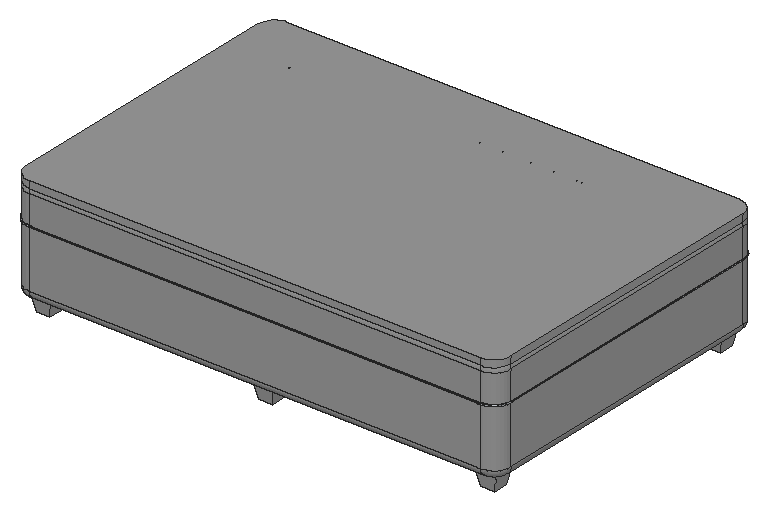
Revit family "Benchmark-Laminate Top", category Furniture, Revit 2016
Family settings
  OmniClass Number = 23.40.20.00
  OmniClass Title = General Furniture and Specialties
  Work Plane-Based = No
  Always vertical = Yes
  Cut with Voids When Loaded = No
  Shared = No
  Room Calculation Point = No
Parameters (values of type "48x72")
  height(Laminate) = 1' - 3 1/2"
  Width = 4' - 0"
  Length = 6' - 0"
  Height(Cushion)Bottom = 0' - 9 1/2"
  Fabric Color [instance] = Linen, Beige
  Counter Finish = Solid Surface Countertop
Types (10): name | Width | Length
  48x72 | 4' - 0" | 6' - 0"
  48x60 | 4' - 0" | 5' - 0"
  42x72 | 3' - 6" | 6' - 0"
  42x60 | 3' - 6" | 5' - 0"
  36x72 | 3' - 0" | 6' - 0"
  36x60 | 3' - 0" | 5' - 0"
  30x72 | 2' - 6" | 6' - 0"
  30x60 | 2' - 6" | 5' - 0"
  24x72 | 2' - 0" | 6' - 0"
  24x60 | 2' - 0" | 5' - 0"
Reference planes (in)
  plane 1 "Center Front/Back": y = 0
  plane 2: z = 0
  plane 3 "Center Left/Right": x = 0
  plane 4: x = 36
  plane 5: x = -36
  plane 6: y = 24
  plane 7: y = -24
  plane 8 "Top": z = 18
  plane 9 "Bottom": z = 2.5
  plane 10 "cushion top": z = 12
  plane 11: z = 12.5
Forms (in)
  Extrusion 1, solid, material "Linen, Beige" <- "Fabric Color"
    sketch origin (0, 0, 0) x (1, 0, 0) y (0, 1, 0)
      loop
        arc (-33.5, 24) -> (-35.26777, 23.26777) -> (-36, 21.5) r 2.5
        line (-36, 21.5) -> (-36, -21.5)
        arc (-36, -21.5) -> (-35.26777, -23.26777) -> (-33.5, -24) r 2.5
        line (-33.5, -24) -> (33.5, -24)
        arc (33.5, -24) -> (35.26777, -23.26777) -> (36, -21.5) r 2.5
        line (36, -21.5) -> (36, 21.5)
        arc (36, 21.5) -> (35.26777, 23.26777) -> (33.5, 24) r 2.5
        line (33.5, 24) -> (-33.5, 24)
    from 2.5 to 18
  Sweep 2, void
    path origin (0, 0, 18) x (0, -1, 0) y (1, 0, 0)
      loop
        arc (-24, -33.5) -> (-23.26777, -35.26777) -> (-21.5, -36) r 2.5
        line (-21.5, -36) -> (21.5, -36)
        arc (21.5, -36) -> (23.26777, -35.26777) -> (24, -33.5) r 2.5
        line (24, -33.5) -> (24, 33.5)
        arc (24, 33.5) -> (23.26777, 35.26777) -> (21.5, 36) r 2.5
        line (21.5, 36) -> (-21.5, 36)
        arc (-21.5, 36) -> (-23.26777, 35.26777) -> (-24, 33.5) r 2.5
        line (-24, 33.5) -> (-24, -33.5)
    profile origin (0, 24, 18) x (0, 1, 0) y (0, 0, 1)
      loop
        line (0, 0) -> (-1.25, 0)
        arc (-1.25, 0) -> (-0.36612, -0.36612) -> (0, -1.25) r 1.25
        line (0, -1.25) -> (0, 0)
  Sweep 3, void
    path origin (0, 0, 18) x (0, -1, 0) y (1, 0, 0)
      loop
        arc (-24, -33.5) -> (-23.26777, -35.26777) -> (-21.5, -36) r 2.5
        line (-21.5, -36) -> (21.5, -36)
        arc (21.5, -36) -> (23.26777, -35.26777) -> (24, -33.5) r 2.5
        line (24, -33.5) -> (24, 33.5)
        arc (24, 33.5) -> (23.26777, 35.26777) -> (21.5, 36) r 2.5
        line (21.5, 36) -> (-21.5, 36)
        arc (-21.5, 36) -> (-23.26777, 35.26777) -> (-24, 33.5) r 2.5
        line (-24, 33.5) -> (-24, -33.5)
    profile origin (0, 24, 18) x (0, 1, 0) y (0, 0, 1)
      loop
        line (0, -15.5) -> (0, -14.25)
        arc (0, -14.25) -> (-0.36612, -15.13388) -> (-1.25, -15.5) r 1.25
        line (-1.25, -15.5) -> (0, -15.5)
  Extrusion 4, solid, material "Solid Surface Countertop" <- "Counter Finish"
    sketch origin (0, 0, 18) x (0, -1, 0) y (-1, 0, 0)
      loop
        line (-24, 33.5) -> (-24, -33.5)
        arc (-24, -33.5) -> (-23.26777, -35.26777) -> (-21.5, -36) r 2.5
        line (-21.5, -36) -> (21.5, -36)
        arc (21.5, -36) -> (23.26777, -35.26777) -> (24, -33.5) r 2.5
        line (24, -33.5) -> (24, 33.5)
        arc (24, 33.5) -> (23.26777, 35.26777) -> (21.5, 36) r 2.5
        line (21.5, 36) -> (-21.5, 36)
        arc (-21.5, 36) -> (-23.26777, 35.26777) -> (-24, 33.5) r 2.5
    from -0.5 to 0.5
  Sweep 5, solid
    path origin (0, 0, 12) x (0, -1, 0) y (1, 0, 0)
      loop
        arc (-24, -33.5) -> (-23.26777, -35.26777) -> (-21.5, -36) r 2.5
        line (-21.5, -36) -> (21.5, -36)
        arc (21.5, -36) -> (23.26777, -35.26777) -> (24, -33.5) r 2.5
        line (24, -33.5) -> (24, 33.5)
        arc (24, 33.5) -> (23.26777, 35.26777) -> (21.5, 36) r 2.5
        line (21.5, 36) -> (-21.5, 36)
        arc (-21.5, 36) -> (-23.26777, 35.26777) -> (-24, 33.5) r 2.5
        line (-24, 33.5) -> (-24, -33.5)
    profile origin (0, 24, 12) x (0, 1, 0) y (0, 0, 1)
      loop
        circle (0.0625, 0.5) r 0.0625
Cuts and joins
  Sweep 2, Sweep 3 cuts Extrusion 1
Dimensions and locks (in)
  equal spacing: plane 5, plane 3 "Center Left/Right", plane 4
  "Length": plane 5 to plane 4
  equal spacing: plane 6, plane 1 "Center Front/Back", plane 7
  "Width": plane 6 to plane 7
  "height(Laminate)": plane 8 "Top" to plane 9 "Bottom"
  locked: plane 5 to nested 2 at 3
  locked: nested 2 to plane 6 at 3
  locked: plane 7 to nested 1 at 3
  locked: plane 5 to nested 1 at 3
  locked: nested 4 to plane 4 at 3
  locked: plane 6 to nested 4 at 3
  locked: nested 5 to plane 4 at 3
  locked: plane 7 to nested 5 at 3
  "Height(Cushion)Bottom": plane 10 "cushion top" to plane 9 "Bottom"
  plane 11 to plane 10 "cushion top" = 0' - 0 1/2"
  aligned and locked: level to plane 2
  aligned and locked: Extrusion 1 sketch curve to plane 6
  aligned and locked: Extrusion 1 sketch curve to plane 5
  aligned and locked: Extrusion 1 sketch curve to plane 7
  aligned and locked: Extrusion 1 sketch curve to plane 4
  aligned and locked: Extrusion 1 to plane 8 "Top"
  aligned and locked: plane 9 "Bottom" to Extrusion 1
  aligned and locked: plane 3 "Center Left/Right" to nested 3
  aligned and locked: plane 3 "Center Left/Right" to nested 6
  aligned and locked: nested 1 to nested 6
  aligned and locked: nested 6 to nested 5
  aligned and locked: nested 5 to nested 4
  aligned and locked: nested 3 to nested 4
  aligned and locked: nested 2 to nested 3
  aligned and locked: nested 1 to nested 2
  aligned and locked: plane 9 "Bottom" to nested 1
  aligned and locked: Sweep 2 sketch curve to Extrusion 1  (x4)
  aligned and locked: plane 6 to Sweep 3 sketch curve
  aligned and locked: plane 5 to Sweep 3 sketch curve
  aligned and locked: plane 7 to Sweep 3 sketch curve
  aligned and locked: plane 4 to Sweep 3 sketch curve
  aligned and locked: Sweep 3 sketch curve to Sweep 3 sketch curve
  aligned and locked: plane 6 to Extrusion 4 sketch curve
  aligned and locked: plane 5 to Extrusion 4 sketch curve
  aligned and locked: plane 7 to Extrusion 4 sketch curve
  aligned and locked: plane 4 to Extrusion 4 sketch curve
  aligned and locked: Sweep 5 sketch curve to Extrusion 4  (x4)
Automatic sketch dimensions
  Extrusion 1 sketch curve to Extrusion 1 sketch curve = 0' - 2 1/2"
  Extrusion 1 sketch curve to plane 4 = 0' - 2 1/2"
  Extrusion 1 sketch curve to plane 6 = 0' - 2 1/2"
  Extrusion 1 sketch curve to plane 7 = 0' - 2 1/2"
  Sweep 2 sketch curve to profile plane = 0' - 0"
  plane 8 "Top" to Sweep 2 sketch curve = 0' - 0"
  Sweep 2 sketch curve to Sweep 2 sketch curve = 0' - 1 1/4"
  Sweep 3 sketch curve to Sweep 3 sketch curve = 0' - 2 1/2"  (x2)
  Sweep 3 sketch curve to plane 6 = 0' - 2 1/2"
  Sweep 3 sketch curve to plane 7 = 0' - 2 1/2"
  Sweep 3 sketch curve to profile plane = 0' - 0"
  Sweep 3 sketch curve to Sweep 3 sketch curve = 0' - 1 1/4"
  plane 8 "Top" to Sweep 3 sketch curve = 1' - 2 1/4"
  Extrusion 4 sketch curve to plane 6 = 0' - 2 1/2"
  Extrusion 4 sketch curve to plane 7 = 0' - 2 1/2"
  Extrusion 4 sketch curve to Extrusion 4 sketch curve = 0' - 2 1/2"
  plane 5 to Extrusion 4 sketch curve = 0' - 2 1/2"
  Sweep 5 sketch curve to profile plane = 0' - 0 1/16"
  plane 11 to Sweep 5 sketch curve = 0' - 0"
  radius of Sweep 5 sketch curve = 0' - 0 1/16"
Nested families (in)
  nested 1: "Furniture Feet" at (-33, -21, 0), type "Furniture Feet"
    with Nested Leg Material 1 Wood (Oak)
  nested 2: "Furniture Feet" at (-33, 21, 0), type "Furniture Feet"
    with Nested Leg Material 1 Wood (Oak)
  nested 3: "Furniture Feet" at (0, 21, 0), type "Furniture Feet"
    with Nested Leg Material 1 Wood (Oak)
  nested 4: "Furniture Feet" at (33, 21, 0), type "Furniture Feet"
    with Nested Leg Material 1 Wood (Oak)
  nested 5: "Furniture Feet" at (33, -21, 0), type "Furniture Feet"
    with Nested Leg Material 1 Wood (Oak)
  nested 6: "Furniture Feet" at (0, -21, 0), type "Furniture Feet"
    with Nested Leg Material 1 Wood (Oak)
Definition of nested family "Furniture Feet"
  Parameters (values of type "Furniture Feet")
    Nested Leg Material 1 [instance] = none
    Foot Top Width = 0' - 3"
    Foot Bottom Width = Foot Top Width - 0' 1"  # 0' - 2"
  Reference planes (in)
    plane 1 "Center Front/Back": y = 0
    plane 2: z = 0
    plane 3 "Center Left/Right": x = 0
    plane 4: x = -1
    plane 5: x = 1
    plane 6: y = 1
    plane 7: y = -1
    plane 8: z = 2.5
    plane 9: y = 1.5
    plane 10: x = 1.5
    plane 11: y = -1.5
    plane 12: x = -1.5
  Forms (in)
    Blend 1, solid, material <- "Nested Leg Material 1"
      base sketch origin (0, 0, 0) x (1, 0, 0) y (0, 1, 0)
        loop
          line (-1, 1) -> (-1, -1) -> (1, -1) -> (1, 1) -> (-1, 1)
      top sketch origin (0, 0, 0) x (1, 0, 0) y (0, 1, 0)
        loop
          line (-1.5, 1.5) -> (-1.5, -1.5) -> (1.5, -1.5) -> (1.5, 1.5) -> (-1.5, 1.5)
      from 0 to 2.5
  Dimensions and locks (in)
    equal spacing: plane 4, plane 3 "Center Left/Right", plane 5
    "Foot Bottom Width": plane 4 to plane 5
    equal spacing: plane 6, plane 1 "Center Front/Back", plane 7
    "Foot Bottom Width": plane 6 to plane 7
    plane 8 to plane 2 = 0' - 2 1/2"
    equal spacing: plane 9, plane 1 "Center Front/Back", plane 11
    "Foot Top Width": plane 11 to plane 9
    equal spacing: plane 12, plane 3 "Center Left/Right", plane 10
    "Foot Top Width": plane 12 to plane 10
    aligned and locked: level to plane 2
    aligned and locked: Blend 1 sketch curve to plane 6
    aligned and locked: plane 4 to Blend 1 sketch curve
    aligned and locked: plane 7 to Blend 1 sketch curve
    aligned and locked: Blend 1 sketch curve to plane 5
    aligned and locked: Blend 1 sketch curve to plane 9
    aligned and locked: plane 12 to Blend 1 sketch curve
    aligned and locked: Blend 1 sketch curve to plane 11
    aligned and locked: Blend 1 sketch curve to plane 10
    aligned and locked: plane 8 to Blend 1
